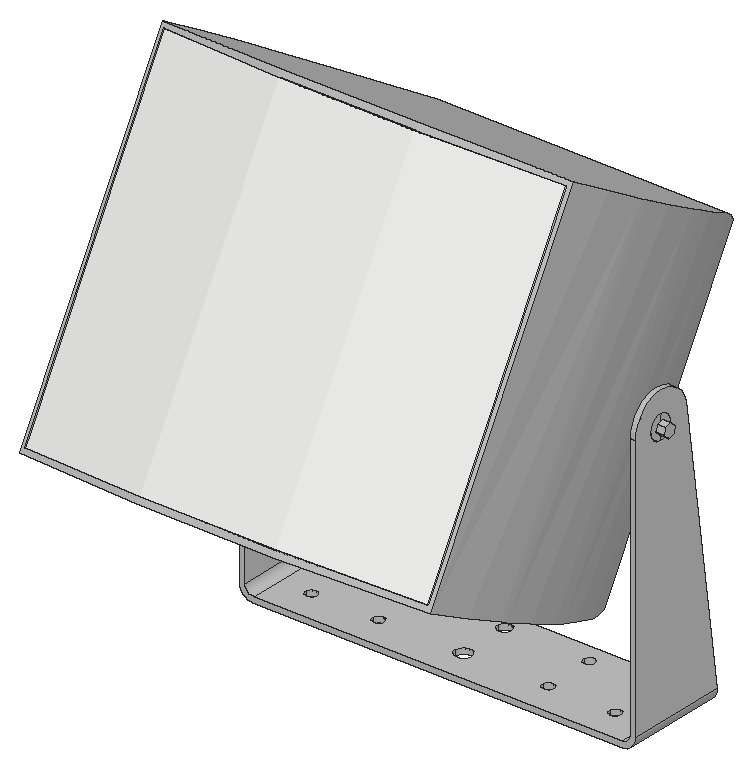
Revit family "Electronics_Community-Point-Source_Biamp_Loudspeaker_R_35-3896", category Communication Devices, host Face, Revit 2020
Family settings
  Host = Face
  Maintain Annotation Orientation = No
  Round Connector Dimension = Use Diameter
  Part Type = Normal
  OmniClass Number = 23.85.10.11.14.14.14
  OmniClass Title = Loudspeakers
  Cut with Voids When Loaded = No
  Shared = No
  Room Calculation Point = No
Parameters (values of type "R.35-3896 G")
  Yoke Material = Biamp - Metal - Gray
  Width = 12.99213"  # constant formula
  Weight = 34.00 lbf  # constant formula
  Visib_For2D [instance] = Rotate angle = 0.00°  # no
  URL = "https://www.biamp.com/"
  Transducers = "LF  1 x 8 (203mm) Carbon ring cone with hydrophobic treatment, 3 (76mm) Voice Coil MR  2 x 2.35 (60mm) MultiSource Waveguide™ compression drivers HF  1 x 1 (25mm) exit polymer diaphragm compression driver"  # constant formula
  Rotate angle [instance] = 30.00°
  Required Accessories = "High Pass Filter - 80 Hz, 24 dB /octave, Digital Signal Processor"  # constant formula
  Recommended Amplifers = "400W - 800W @ 8 Ohms,  (56V - 80V)"  # constant formula
  Product data url = "https://www.bimobject.com/biamp/product/r-35-3896_community-point-source"
  Product Page URL = "https://www.biamp.com/products/product-families/community/point-source#r-35-3896"
  Product Documentation Link = "https://downloads.biamp.com/assets/docs/default-source/data-sheets/biamp_data_sheet_community_r-35-3896_oct21.pdf"
  Operating Range = "80 Hz to 16 kHz "  # constant formula
  Operating Mode = "Passive, Selectable Low Impedance or 70V/100V"  # constant formula
  Operating Environment = "Indoor or Weather-Resistant Outdoor"  # constant formula
  Nominal Sensitivity = "MUSIC - 1W - 98dB; 2.83V - 98dB. VOICE - 1W - 100dB; 2.83V - 10dB"  # constant formula
  Nominal Maximum SPL (Whole Space) = "MUSIC - Peak - 130dB; Continuous - 124dB. VOICE - Peak - 132dB; Continuous - 126dB"  # constant formula
  Nominal Beamwidth  (H x V) = "90° x 60°"  # constant formula
  Nom angle [instance] = if(or(Rotate angle < 0.00°, Rotate angle = 0.00°), 0.00°, if(and(Rotate angle > 0.00°, Rotate angle < 170.00°), Rotate angle, if(or(Rotate angle > 170.00°, Rotate angle = 170.00°), 170.00°, 0.00°)))  # 30.00°
  Mounting Points = "Two (2) M8 rigging points"  # constant formula
  Model = "R.35-3896 G"
  Manufacturer = "Biamp"  # constant formula
  Input Connection = "NL4 Speakon-type connector (low impedance only), and 7-position terminal strip for low impedance or constant voltage operation"  # constant formula
  Included Accessories = "Zinc-rich epoxy dual-layer powder-coated yoke, included integral safety cable mounting point"  # constant formula
  Housing Material = Biamp - Plastic - Gray
  Height = 10.98425"  # constant formula
  Grill Material = Biamp - Plastic - Gray(Grid)
  Finish = "Refer to the Technical Drawing (page 3)"  # constant formula
  Equalized Sensitivity = "MUSIC - 1W - 97dB; 2.83V - 97dB"  # constant formula
  Equalized Maximum SPL = "MUSIC - Peak - 129dB; Continuous - 123dB"  # constant formula
  Environmental = "IP55W per IEC 529, designed to MIL-STD-810G Color-matched ABS plastic input panel weather cover with 13.5mm ID gland nut installed in .82 knockout"  # constant formula
  Description = "R.35-3896 Three-Way Full-Range (90° x 60°) Weather-Resistant Loudspeaker"  # constant formula
  Depth = 13.50394"  # constant formula
  Default Elevation = 48.00"
  Controls = "Music / Voice switch, 70V/100V operation jumper"  # constant formula
  Connector Description = "NL4, 2-position terminal strip; Low Impedance 8 ohm, 70V/100V operation"  # constant formula
Types (2): name | Yoke Material | Visib_For2D | Rotate angle | Nom angle | Model | Housing Material | Grill Material
  R.35-3896 B | Biamp - Metal - Black | yes | 0.00° | 0.00° | "R.35-3896 B" | Biamp - Plastic - Black | Biamp - Plastic - Black(Grid)
  R.35-3896 G | Biamp - Metal - Gray | no | 30.00° | 30.00° | "R.35-3896 G" | Biamp - Plastic - Gray | Biamp - Plastic - Gray(Grid)
Reference planes (in)
  plane 1 "Center (Front/Back)": y = 0
  plane 2: z = 0
  plane 3 "Center (Left/Right)": x = 0
  plane 4: z = 8.53543
Forms (in)
  Sweep 1, solid, material "Biamp - Metal - Gray" <- "Yoke Material", detail levels coarse
    path origin (0, 0.66952, 0) x (1, 0, 0) y (0, 1, 0)
      loop
        line (0, -1.58406) -> (0, 1.58406)
    profile origin (0, 0.66952, 0) x (-1, 0, 0) y (0, 0, 1)
      loop
        line (6.05709, 0) -> (6.05709, 9.52756) -> (5.89961, 9.52756) -> (5.89961, 0.15748) -> (-5.89961, 0.15748) -> (-5.89961, 9.52756) -> (-6.05709, 9.52756) -> (-6.05709, 0) -> (6.05709, 0)
  Sweep 2, void
    path origin (0, 0.66952, 0) x (1, 0, 0) y (0, 1, 0)
      loop
        line (-6.05709, 0) -> (6.05709, 0)
    profile origin (0, 0.66952, 0) x (0, 1, 0) y (0, 0, 1)
      loop
        line (1.58406, 0) -> (1.58406, 9.84252) -> (0.20075, 9.84252) -> (1.58406, 0)
      loop
        circle (-0.66952, 8.53543) r 0.25591
  Sweep 3, solid, material "Biamp - Metal - Gray" <- "Yoke Material", detail levels medium+fine
    path origin (0, 0.66952, 0) x (1, 0, 0) y (0, 1, 0)
      loop
        line (0, -1.58406) -> (0, 1.58406)
    profile origin (0, 0.66952, 0) x (-1, 0, 0) y (0, 0, 1)
      loop
        arc (5.66339, 0) -> (5.94177, 0.11531) -> (6.05709, 0.3937) r 0.3937
        line (6.05709, 0.3937) -> (6.05709, 9.52756) -> (5.89961, 9.52756) -> (5.89961, 0.43574)
        arc (5.89961, 0.43574) -> (5.81811, 0.23898) -> (5.62135, 0.15748) r 0.27826
        line (5.62135, 0.15748) -> (-5.62135, 0.15748)
        arc (-5.62135, 0.15748) -> (-5.81811, 0.23898) -> (-5.89961, 0.43574) r 0.27826
        line (-5.89961, 0.43574) -> (-5.89961, 9.52756) -> (-6.05709, 9.52756) -> (-6.05709, 0.3937)
        arc (-6.05709, 0.3937) -> (-5.94177, 0.11531) -> (-5.66339, 0) r 0.3937
        line (-5.66339, 0) -> (5.66339, 0)
  Sweep 4, void
    path origin (0, 0, 0) x (1, 0, 0) y (0, 1, 0)
      loop
        line (-6.05709, 0) -> (6.05709, 0)
    profile origin (0, 0, 0) x (0, 1, 0) y (0, 0, 1)
      loop
        arc (-0.91453, 8.53543) -> (0.06972, 9.51969) -> (1.05397, 8.53543) r 0.98425
        line (1.05397, 8.53543) -> (1.05397, 9.91339) -> (-0.91453, 9.91339) -> (-0.91453, 8.53543)
  Extrusion 5, void
    sketch origin (0, 0, 0) x (1, 0, 0) y (0, 1, 0)
      loop
        circle (2.59843, 1.64452) r 0.17717
      loop
        circle (4.64961, 1.64452) r 0.17717
      loop
        circle (2.59843, 0.06972) r 0.17717
      loop
        circle (4.64961, 0.06972) r 0.17717
      loop
        circle (-2.59843, 1.64452) r 0.17717
      loop
        circle (-4.64961, 1.64452) r 0.17717
      loop
        circle (-2.59843, 0.06972) r 0.17717
      loop
        circle (-4.64961, 0.06972) r 0.17717
      loop
        circle (0, 1.64452) r 0.21654
      loop
        circle (0, 0.06972) r 0.25591
    from 0 to 0.15748
  Revolve 6, solid, material "Biamp - Metal - Gray" <- "Yoke Material"
    sketch origin (0, 0, 0) x (1, 0, 0) y (0, 0, 1)
      loop
        line (-6.05709, 8.77613) -> (-6.05709, 8.896) -> (-6.0892, 8.896) -> (-6.0892, 8.53543) -> (-5.7296, 8.53543) -> (-5.7296, 8.77613) -> (-6.05709, 8.77613)
      loop
        line (6.05709, 8.77613) -> (5.7296, 8.77613) -> (5.7296, 8.53543) -> (6.0892, 8.53543) -> (6.0892, 8.896) -> (6.05709, 8.896) -> (6.05709, 8.77613)
      axis (-6.0892, 8.53543) -> (6.0892, 8.53543)
    angle from 0 to 360
  Sweep 7, solid, material "Biamp - Metal - Gray" <- "Yoke Material", detail levels medium+fine
    path origin (0, 0, 0) x (1, 0, 0) y (0, 1, 0)
      loop
        line (-6.0892, 0) -> (-6.37079, 0)
    profile origin (-6.22999, 0, 0) x (0, -1, 0) y (0, 0, 1)
      loop
        line (-0.05214, 8.73002) -> (-0.19459, 8.58757) -> (-0.14245, 8.39298) -> (0.05214, 8.34084) -> (0.19459, 8.48329) -> (0.14245, 8.67788) -> (-0.05214, 8.73002)
  Sweep 8, solid, material "Biamp - Metal - Gray" <- "Yoke Material", detail levels medium+fine
    path origin (0, 0, 0) x (-1, 0, 0) y (0, 1, 0)
      loop
        line (-6.0892, 0) -> (-6.37079, 0)
    profile origin (6.22999, 0, 0) x (0, 1, 0) y (0, 0, 1)
      loop
        line (0.05214, 8.73002) -> (-0.14245, 8.67788) -> (-0.19459, 8.48329) -> (-0.05214, 8.34084) -> (0.14245, 8.39298) -> (0.19459, 8.58757) -> (0.05214, 8.73002)
Cuts and joins
  Sweep 2, Extrusion 5 cuts Sweep 1
  Sweep 2, Sweep 4, Extrusion 5 cuts Sweep 3
Lines and regions (in)
  Masking region 1, visible <- "Visib_For2D"
    outline origin (0, 0, 0) x (1, 0, 0) y (0, 1, 0)
      loop
        line (-6.05709, 2.25358) -> (-6.05709, -0.91453) -> (6.05709, -0.91453) -> (6.05709, 2.25358) -> (-6.05709, 2.25358)
  reference lines
    curve 1: line (0, 0, 8.53543) -> (0, -2.94884, 10.23795)
Dimensions and locks (in)
  "Nom angle": angle plane 4 to curve 1
  aligned and locked: plane 2 to host face
  aligned and locked: level to host face
  aligned and locked: plane 4 to curve 1
  aligned and locked: plane 1 "Center (Front/Back)" to curve 1
  aligned and locked: Sweep 7 sketch curve to plane 1 "Center (Front/Back)"
Automatic sketch dimensions
  host sketch curve to host sketch curve = 96.00"  (x2)
  Sweep 1 sketch curve to plane 3 "Center (Left/Right)" = 0.00"
  plane 1 "Center (Front/Back)" to Sweep 1 sketch curve = 0.91453"
  Sweep 1 sketch curve to plane 1 "Center (Front/Back)" = 2.25358"
  Sweep 1 sketch curve to level = 0.00"
  profile plane to Sweep 1 sketch curve = 6.05709"
  Sweep 1 sketch curve to Sweep 1 sketch curve = 0.15748"  (x2)
  level to Sweep 1 sketch curve = 0.15748"
  Sweep 1 sketch curve to profile plane = 5.89961"
  Sweep 1 sketch curve to Sweep 1 sketch curve = 9.37008"  (x2)
  Sweep 2 sketch curve to plane 1 "Center (Front/Back)" = 0.66952"
  Sweep 2 sketch curve to plane 3 "Center (Left/Right)" = 6.05709"
  plane 3 "Center (Left/Right)" to Sweep 2 sketch curve = 6.05709"
  Sweep 2 sketch curve to level = 0.00"
  profile plane to Sweep 2 sketch curve = 0.66952"
  Sweep 2 sketch curve to profile plane = 0.20075"
  Sweep 2 sketch curve to Sweep 2 sketch curve = 1.38331"
  level to Sweep 2 sketch curve = 8.53543"
  Sweep 2 sketch curve to Sweep 2 sketch curve = 1.30709"
  Sweep 3 sketch curve to plane 3 "Center (Left/Right)" = 0.00"
  plane 1 "Center (Front/Back)" to Sweep 3 sketch curve = 0.91453"
  Sweep 3 sketch curve to plane 1 "Center (Front/Back)" = 2.25358"
  Sweep 3 sketch curve to level = 0.00"
  profile plane to Sweep 3 sketch curve = 6.05709"
  Sweep 3 sketch curve to Sweep 3 sketch curve = 0.15748"  (x2)
  Sweep 3 sketch curve to Sweep 3 sketch curve = 0.23622"  (x2)
  Sweep 3 sketch curve to Sweep 3 sketch curve = 0.04204"  (x2)
  level to Sweep 3 sketch curve = 0.15748"
  Sweep 3 sketch curve to profile plane = 5.62135"
  Sweep 3 sketch curve to Sweep 3 sketch curve = 9.09182"  (x2)
  plane 1 "Center (Front/Back)" to Sweep 4 sketch curve = 0.00"
  Sweep 4 sketch curve to plane 3 "Center (Left/Right)" = 6.05709"
  plane 3 "Center (Left/Right)" to Sweep 4 sketch curve = 6.05709"
  profile plane to Sweep 4 sketch curve = 0.91453"
  Sweep 4 sketch curve to profile plane = 0.06972"
  level to Sweep 4 sketch curve = 8.53543"
  Sweep 4 sketch curve to Sweep 4 sketch curve = 1.37795"
  Extrusion 5 sketch curve to plane 3 "Center (Left/Right)" = 0.00"  (x2)
  Extrusion 5 sketch curve to plane 3 "Center (Left/Right)" = 2.59843"
  Extrusion 5 sketch curve to plane 1 "Center (Front/Back)" = 0.06972"  (x5)
  Extrusion 5 sketch curve to Extrusion 5 sketch curve = 0.00"  (x4)
  Extrusion 5 sketch curve to Extrusion 5 sketch curve = 2.05118"  (x2)
  plane 3 "Center (Left/Right)" to Extrusion 5 sketch curve = 2.59843"
  Extrusion 5 sketch curve to Extrusion 5 sketch curve = 1.5748"  (x5)
  Revolve 6 sketch curve to plane 4 = 0.00"  (x3)
  Revolve 6 sketch curve to plane 3 "Center (Left/Right)" = 6.0892"
  Revolve 6 sketch curve to Revolve 6 sketch curve = 0.03211"  (x2)
  Revolve 6 sketch curve to Revolve 6 sketch curve = 0.3596"
  plane 3 "Center (Left/Right)" to Revolve 6 sketch curve = 5.7296"
  Revolve 6 sketch curve to Revolve 6 sketch curve = 0.32748"
  plane 4 to Revolve 6 sketch curve = 0.2407"  (x2)
  Revolve 6 sketch curve to Revolve 6 sketch curve = 0.11987"  (x2)
  Revolve 6 sketch curve to Revolve 6 sketch curve = 1.34584"
  Revolve 6 sketch curve to Revolve 6 sketch curve = 1.23954"
  Sweep 7 sketch curve to plane 3 "Center (Left/Right)" = 6.37079"
  Sweep 7 sketch curve to Sweep 7 sketch curve = 0.28159"
  profile plane to Sweep 7 sketch curve = 0.19459"
  profile plane to Sweep 7 sketch curve = 0.14245"
  profile plane to Sweep 7 sketch curve = 0.05214"
  Sweep 7 sketch curve to profile plane = 0.05214"
  Sweep 7 sketch curve to profile plane = 0.14245"
  Sweep 7 sketch curve to profile plane = 0.19459"
  level to Sweep 7 sketch curve = 8.34084"
  Sweep 7 sketch curve to Sweep 7 sketch curve = 0.05214"
  Sweep 7 sketch curve to Sweep 7 sketch curve = 0.14245"  (x2)
  Sweep 7 sketch curve to Sweep 7 sketch curve = 0.19459"  (x2)
  plane 1 "Center (Front/Back)" to Sweep 8 sketch curve = 0.00"
  Sweep 8 sketch curve to plane 3 "Center (Left/Right)" = 6.37079"
  Sweep 8 sketch curve to Sweep 8 sketch curve = 0.28159"
  profile plane to Sweep 8 sketch curve = 0.19459"
  profile plane to Sweep 8 sketch curve = 0.14245"
  profile plane to Sweep 8 sketch curve = 0.05214"
  Sweep 8 sketch curve to profile plane = 0.05214"
  Sweep 8 sketch curve to profile plane = 0.14245"
  Sweep 8 sketch curve to profile plane = 0.19459"
  level to Sweep 8 sketch curve = 8.34084"
  Sweep 8 sketch curve to Sweep 8 sketch curve = 0.05214"  (x2)
  Sweep 8 sketch curve to Sweep 8 sketch curve = 0.14245"
  Sweep 8 sketch curve to Sweep 8 sketch curve = 0.19459"  (x2)
  plane 1 "Center (Front/Back)" to Masking region 1 sketch curve = 0.91453"
  Masking region 1 sketch curve to plane 3 "Center (Left/Right)" = 6.05709"
  plane 3 "Center (Left/Right)" to Masking region 1 sketch curve = 6.05709"
  Masking region 1 sketch curve to plane 1 "Center (Front/Back)" = 2.25358"
  radius of Sweep 2 sketch curve = 0.25591"
  radius of Extrusion 5 sketch curve = 0.17717"  (x8)
  radius of Extrusion 5 sketch curve = 0.21654"
  radius of Extrusion 5 sketch curve = 0.25591"
Nested families (in)
  nested 1: "R.35-3896" at (0, -4.07502, 4.53729) x (1, 0, 0) z (0, 0.5, 0.866), Grill <- "Grill Material", Host <- "Housing Material", type "R.35-3896"
    with Host Biamp - Plastic - Gray, Grill Biamp - Plastic - Gray(Grid)
Connectors (in)
  electrical at (0.69314, 4.80681, 7.44897), driven by "Connector Description"
    settings: on nested 1, index 1, voltage 0 V, apparent load 0 VA, apparent load phase1 0 VA, apparent load phase2 0 VA, apparent load phase3 0 VA, power factor 1, load classification "Other", number of poles 1, system type 5, power factor state 1, is connector primary yes, connector utility no, sub classification motor no, connector description "NL4, 2-position terminal strip; Low Impedance 8 ohm, 70V/100V operation"
  electrical at (-1.16108, 4.07603, 6.18323), driven by "Connector Description"
    settings: on nested 1, index 2, voltage 100 V, apparent load 0 VA, apparent load phase1 800 VA, apparent load phase2 0 VA, apparent load phase3 0 VA, power factor 1, load classification "Other", number of poles 1, system type 5, power factor state 1, is connector primary no, connector utility no, sub classification motor no, connector description "NL4, 2-position terminal strip; Low Impedance 8 ohm, 70V/100V operation"
Definition of nested family "R.35-3896"
  Parameters (values of type "R.35COAX")
    Host [instance] = none
    Grill [instance] = none
    Default Elevation = 48.00"
  Reference planes (in)
    plane 1 "Center (Front/Back)": y = 0
    plane 2: z = 0
    plane 3 "Center (Left/Right)": x = 0
  Forms (in)
    Extrusion 1, solid, material <- "Host", detail levels coarse
      sketch origin (0, 0, 0) x (0, 1, 0) y (0, 0, 1)
        loop
          line (-6.74137, 11) -> (-6.74137, 0) -> (3.86333, 0.37032)
          arc (3.86333, 0.37032) -> (5.91665, 1.28452) -> (6.75863, 3.3685) r 3
          line (6.75863, 3.3685) -> (6.75863, 7.6315)
          arc (6.75863, 7.6315) -> (5.91665, 9.71548) -> (3.86333, 10.62968) r 3
          line (3.86333, 10.62968) -> (-6.74137, 11)
      from -6.49606 to 6.49606
    Extrusion 2, void
      sketch origin (0, 0, 0) x (1, 0, 0) y (0, 1, 0)
        loop
          arc (-6.27851, -5.75951) -> (0.00604, -6.6922) -> (6.29005, -5.756) r 21.59847
          spline (6.29005, -5.756) -> (6.30135, -4.86584) -> (6.27598, -3.97657) -> (6.21396, -3.0882) -> (6.11527, -2.20072) -> (5.97992, -1.31414) -> (5.80792, -0.42845) -> (5.59925, 0.45635) -> (5.35392, 1.34026) -> (5.07194, 2.22327) -> (4.75329, 3.10539) -> (4.39798, 3.98661) -> (4.00602, 4.86694)
          arc (4.00602, 4.86694) -> (0.01275, 6.72942) -> (-3.98953, 4.88641) r 5.23949
          spline (-3.98953, 4.88641) -> (-4.38234, 4.00417) -> (-4.73842, 3.12104) -> (-5.05775, 2.23701) -> (-5.34035, 1.35209) -> (-5.58621, 0.46628) -> (-5.79532, -0.42043) -> (-5.9677, -1.30804) -> (-6.10334, -2.19654) -> (-6.20224, -3.08594) -> (-6.2644, -3.97624) -> (-6.28982, -4.86742) -> (-6.27851, -5.75951)
        loop
          line (-7.22967, 7.20915) -> (-7.22967, -7.35778) -> (7.14041, -7.35778) -> (7.14041, 7.20915) -> (-7.22967, 7.20915)
      from -4.17588 to 13.9408
    Extrusion 3, solid, material <- "Host", detail levels medium+fine
      sketch origin (0, 0, 0) x (0, 1, 0) y (0, 0, 1)
        loop
          line (-6.74137, 11) -> (-6.74137, 0) -> (3.86333, 0.37032)
          arc (3.86333, 0.37032) -> (5.91665, 1.28452) -> (6.75863, 3.3685) r 3
          line (6.75863, 3.3685) -> (6.75863, 7.6315)
          arc (6.75863, 7.6315) -> (5.91665, 9.71548) -> (3.86333, 10.62968) r 3
          line (3.86333, 10.62968) -> (-6.74137, 11)
      from -6.49606 to 6.49606
    Extrusion 4, void
      sketch origin (0, 0, 0) x (1, 0, 0) y (0, 0, 1)
        loop
          line (-6.16216, 10.80625) -> (-6.16216, 0.19388) -> (6.17372, 0.19388) -> (6.17372, 10.80625) -> (-6.16216, 10.80625)
      from 5.51055 to 9.41783
    Extrusion 5, solid, material <- "Grill", detail levels medium+fine
      sketch origin (0, 0, 0) x (1, 0, 0) y (0, 1, 0)
        loop
          line (6.14863, -5.79852) -> (6.14863, -5.63419)
          arc (6.14863, -5.63419) -> (0.00642, -6.53472) -> (-6.13633, -5.63787) r 21.44099
          line (-6.13633, -5.63787) -> (-6.13633, -5.80217)
          arc (-6.13633, -5.80217) -> (0.00642, -6.6922) -> (6.14863, -5.79852) r 21.59847
      from 0.2126 to 10.79134
    Extrusion 6, void
      sketch origin (0, 0, 0) x (1, 0, 0) y (0, 0, 1)
        loop
          line (1.68965, 7.89249) -> (-1.68965, 7.89249) -> (-1.68965, 3.16808) -> (1.68965, 3.16808) -> (1.68965, 7.89249)
      from -8.74731 to -6.31479
    Extrusion 7, void
      sketch origin (0, 6.31479, 0) x (1, 0, 0) y (0, 0, 1)
        loop
          circle (0.69314, 6.9625) r 0.59055
        loop
          line (-0.96423, 7.56787) -> (-1.35793, 7.56787) -> (-1.35793, 3.43401) -> (-0.96423, 3.43401) -> (-0.96423, 7.56787)
      from 0 to 0.07874
  Cuts and joins
    Extrusion 2, Extrusion 6, Extrusion 7 cuts Extrusion 1
    Extrusion 2, Extrusion 4, Extrusion 6, Extrusion 7 cuts Extrusion 3
    Extrusion 6 cuts Extrusion 5
  Lines and regions (in)
    Masking region 1
      outline origin (0, 0, 0) x (1, 0, 0) y (0, 0, 1)
        loop
          line (-6.28228, 10.96572) -> (-6.28228, 0.03441) -> (6.29005, 0.03441) -> (6.29005, 10.96572) -> (-6.28228, 10.96572)
    Masking region 2
      outline origin (0, 0, 0) x (1, 0, 0) y (0, 1, 0)
        loop
          arc (-6.27851, -5.75951) -> (0.00604, -6.6922) -> (6.29005, -5.756) r 21.59847
          spline (6.29005, -5.756) -> (6.30135, -4.86584) -> (6.27598, -3.97657) -> (6.21396, -3.0882) -> (6.11527, -2.20072) -> (5.97992, -1.31414) -> (5.80792, -0.42845) -> (5.59925, 0.45635) -> (5.35392, 1.34026) -> (5.07194, 2.22327) -> (4.75329, 3.10539) -> (4.39798, 3.98661) -> (4.00602, 4.86694)
          arc (4.00602, 4.86694) -> (0.01275, 6.72942) -> (-3.98953, 4.88641) r 5.23949
          spline (-3.98953, 4.88641) -> (-4.38234, 4.00417) -> (-4.73842, 3.12104) -> (-5.05775, 2.23701) -> (-5.34035, 1.35209) -> (-5.58621, 0.46628) -> (-5.79532, -0.42043) -> (-5.9677, -1.30804) -> (-6.10334, -2.19654) -> (-6.20224, -3.08594) -> (-6.2644, -3.97624) -> (-6.28982, -4.86742) -> (-6.27851, -5.75951)
  Dimensions and locks (in)
    aligned and locked: level to plane 2
